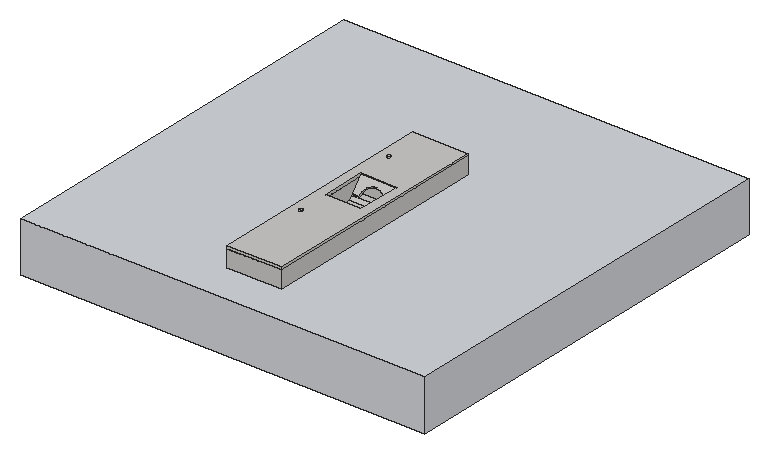
Revit family
Parameters (values of type "B-380349")
  Warranty Duration (Years) = 0
  Unit Width = 1' - 1"
  Unit Height = 4' - 7 1/8"
  Unit Depth = 0' - 4 5/8"
  URL = "http://www.bobrick.com/Pages/default.aspx"
  Test Data = ""
  Specification = ""
  SpecWizard = ""
  Send Message = "http://www.arcat.com/users.pl?action=UserEmail&company=Bobrick+Washroom+Equipment,+Inc.&coid=30988&rep=156&fax=818-503-1930&mf="
  Sales Information = "http://www.bobrick.com/Pages/ContactUs.aspx"
  Revision = "R1_10_2012"
  Product Properties = ""
  Product Data = "http://arcat.com/arcatcos/cos30/arc30988.html?isac=1&r=1"
  Mounting Height [instance] = 4' - 11 3/4"
  Model = "B-380349"
  Manufacturer Website = "http://www.bobrick.com/Pages/default.aspx"
  Manufacturer Phone - Toll Free = ""
  Manufacturer Phone = "818-764-1000"
  Manufacturer Fax = "818-503-1930"
  Manufacturer Address = "11611 Hart St. North Hollywood, CA 91605-5882"
  Manufacturer = "Bobrick Washroom Equipment, Inc."
  Maintenance Schedule (Months) = 0
  Keynote = "102813"
  Installation-Fabrication = "http://www.bobrick.com/washroomaccessories/Pages/WashroomAccessories.aspx"
  Installation Phase = ""
  Finish Material = Stainless Steel - Bobrick - Satin
  Green Building-LEED = ""
  Expected Lifespan (Years) = 0
  Drawn By = "Sumex Design, Inc. / Robert S. Weygant, CSI, CDT, SCIP"
  Description = "Bobrick B-380349 Trimline Series Surface Mounted Combination Towel and Waste Unit"
  Default Elevation = 4' - 0"
  Copyright = "©Arcat Inc."
  Construction Details = ""
  Capacity = "600 C-fold Towels  ;  800 Multi-fold Towels  ;  3.8 gal Waste"
  Building Codes = ""
  Assembly Code = "E1090900"
Reference planes (in)
  plane 1 "Center (Front/Back)": y = -10.99647
  plane 2: z = 0
  plane 3 "Center (Left/Right)": x = 0
  plane 4: y = 16.56603
  plane 5: y = -38.55897
  plane 6: x = -6.5
  plane 7: x = 6.5
  plane 8: z = 4.625
  plane 9: z = 4.0625
  plane 10: y = -4.30897
  plane 11 "FF": y = -43.18397
Forms (in)
  Extrusion 1, solid
    sketch origin (0, 0, 0) x (1, 0, 0) y (0, 1, 0)
      loop
        line (-48, 48) -> (-48, -48) -> (48, -48) -> (48, 48) -> (-48, 48)
    from 0 to -12
  Extrusion 2, solid, material "Stainless Steel - Bobrick - Satin" <- "Finish Material"
    sketch origin (0, -10.99647, 0) x (1, 0, 0) y (0, 0, 1)
      loop
        line (-6.5, 4.0625) -> (-6.5, 0) -> (6.5, 0) -> (6.5, 4.0625) -> (-6.5, 4.0625)
    from -27.5625 to 27.5625
  Extrusion 3, solid, material "Stainless Steel - Bobrick - Satin" <- "Finish Material"
    sketch origin (0, -10.99647, 0) x (1, 0, 0) y (0, 0, 1)
      loop
        line (-6.5, 4.625) -> (-6.5, 4.0625) -> (6.5, 4.0625) -> (6.5, 4.625) -> (-6.5, 4.625)
    from -27.5625 to 27.5625
  Extrusion 4, void
    sketch origin (0, 0, 0) x (1, 0, 0) y (0, 1, 0)
      loop
        line (-4.29508, -1.71112) -> (-4.29508, -12.11724) -> (4.22516, -12.11724) -> (4.22516, -1.71112) -> (-4.29508, -1.71112)
    from 0.43932 to 12
  Extrusion 5, solid, material "Stainless Steel - Bobrick - Satin" <- "Finish Material"
    sketch origin (0, -6.97478, 0) x (0, 1, 0) y (0, 0, 1)
      loop
        line (5.26365, 4.625) -> (1.85695, 0.43932) -> (2.24651, 0.43932) -> (5.26365, 4.0625) -> (5.26365, 4.625)
    from -4.29508 to 4.22516
  Extrusion 6, void
    sketch origin (0, -1.71112, 4.625) x (0, 0.631245, 0.775584) y (1, 0, 0)
      loop
        line (-4.4957, -4.01306) -> (-4.13745, -4.01306) -> (-4.13745, -2.49282)
        arc (-4.13745, -2.49282) -> (-1.44301, 0.20162) -> (-4.13745, 2.89606) r 2.69444
        line (-4.13745, 2.89606) -> (-4.13745, 3.89606) -> (-4.4957, 3.89606) -> (-4.4957, -4.01306)
    from 0 to 0.34576
  Extrusion 7, solid, material "Stainless Steel - Bobrick - Satin" <- "Finish Material"
    sketch origin (0, 0, 0) x (1, 0, 0) y (0, 1, 0)
      loop
        circle (-4.15332, 6.5066) r 0.375
      loop
        circle (-4.15332, -19.4934) r 0.375
    from 4.0625 to 4.73074
Cuts and joins
  Extrusion 4 cuts Extrusion 2
  Extrusion 4 cuts Extrusion 3
  joined: Extrusion 3, Extrusion 7
  Extrusion 6 cuts Extrusion 5
Lines and regions (in)
  symbolic lines, style "SpecialityEquipmentHiddenLines"
    curve 1: line (-6.5, 16.56603, 0) -> (6.5, -10.99647, 0)
    curve 2: line (6.5, -10.99647, 0) -> (-6.5, -38.55897, 0)
Dimensions and locks (in)
  "Unit Depth": plane 8 to level
  equal spacing: plane 4, plane 1 "Center (Front/Back)", plane 5
  "Unit Height": plane 4 to plane 5
  equal spacing: plane 6, plane 3 "Center (Left/Right)", plane 7
  "Unit Width": plane 6 to plane 7
  plane 10 to plane 5 = 2' - 10 1/4"
  plane 8 to plane 9 = 0' - 0 9/16"
  "Mounting Height": plane 4 to plane 11 "FF"
  aligned and locked: plane 2 to Extrusion 1
  aligned and locked: level to Extrusion 1
  aligned: cut or joined group of Extrusion 2, Extrusion 4 to curve 2
Automatic sketch dimensions
  Extrusion 1 sketch curve to Extrusion 1 sketch curve = 8' - 0"  (x2)
  Extrusion 2 sketch curve to level = 0' - 0"
  Extrusion 2 sketch curve to plane 6 = 0' - 0"
  Extrusion 2 sketch curve to plane 7 = 0' - 0"
  Extrusion 2 sketch curve to plane 9 = 0' - 0"
  Extrusion 3 sketch curve to plane 9 = 0' - 0"
  plane 6 to Extrusion 4 sketch curve = 0' - 2.20492"
  Extrusion 4 sketch curve to plane 7 = 0' - 2.27484"
  plane 1 "Center (Front/Back)" to Extrusion 4 sketch curve = 0' - 1.12077"
  Extrusion 4 sketch curve to Extrusion 4 sketch curve = 0' - 10.40612"
  Extrusion 5 sketch curve to plane 9 = 0' - 0"
  Extrusion 5 sketch curve to plane 8 = 0' - 0"
  level to Extrusion 5 sketch curve = 0' - 0.43932"
  Extrusion 5 sketch curve to plane 4 = 1' - 9.68386"
  Extrusion 5 sketch curve to Extrusion 5 sketch curve = 0' - 0.38957"
  Extrusion 5 sketch curve to Extrusion 5 sketch curve = 0' - 3.40671"
  Extrusion 6 sketch curve to Extrusion 5 = 0' - 0.3291"
  Extrusion 5 to Extrusion 6 sketch curve = 0' - 0.90111"
  Extrusion 6 sketch curve to Extrusion 6 sketch curve = 0' - 0.35825"
  Extrusion 6 sketch curve to Extrusion 6 sketch curve = 0' - 1"
  Extrusion 6 sketch curve to Extrusion 6 sketch curve = 0' - 2.69444"
  Extrusion 6 sketch curve to Extrusion 5 = 0' - 0.28202"
  Extrusion 3 sketch curve to plane 8 = 0' - 0"
  plane 6 to Extrusion 3 sketch curve = 0' - 0"
  Extrusion 3 sketch curve to plane 7 = 0' - 0"
  plane 6 to Extrusion 7 sketch curve = 0' - 2.34668"  (x2)
  plane 1 "Center (Front/Back)" to Extrusion 7 sketch curve = 0' - 8.49693"
  Extrusion 7 sketch curve to plane 4 = 0' - 10.05943"
  curve 2 to plane 5 = 0' - 0"
  curve 2 to plane 6 = 0' - 0"
  curve 1 to plane 4 = 0' - 0"
  curve 1 to plane 6 = 0' - 0"
  curve 2 to plane 1 "Center (Front/Back)" = 0' - 0"
  curve 2 to plane 7 = 0' - 0"
  radius of Extrusion 7 sketch curve = 0' - 0 3/8"  (x2)
